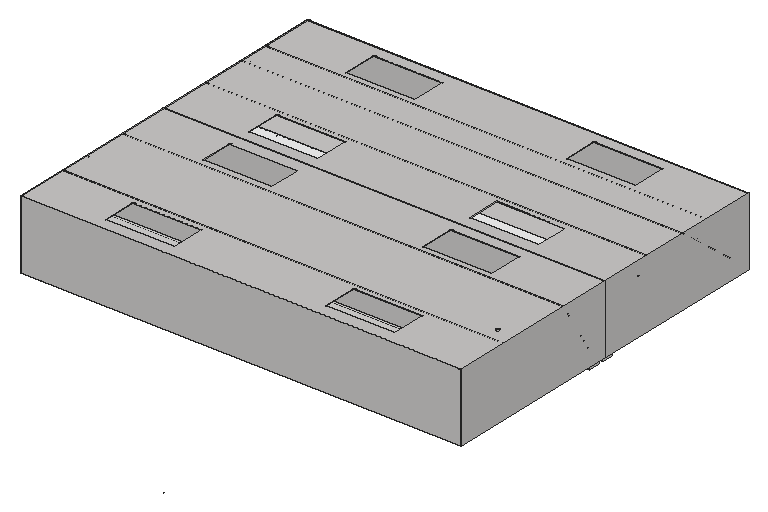
Revit family "QF_ELECTROLUXPROFESSIONAL_640042_STCF2632", category Specialty Equipment, Revit 2014
Reference planes
  plane 1 "Center (Front/Back)": y = 0
  plane 2: z = 0
  plane 3 "Center (Left/Right)": x = 400
  plane 4 "LEFT": x = -1200
  plane 5 "RIGHT": x = 2000
  plane 6 "BACK": y = 1300
  plane 7 "FRONT": y = -1300
  plane 8 "Base": z = 2000
  plane 9 "EIx": x = 1880
  plane 10 "Top": z = 2500
  plane 11 "BaseHood": z = 2000
  plane 12: y = -820
Forms (mm)
  Extrusion 1, solid, material "QF_Finishes_Stainless Steel"
    sketch origin (0, -820, 2500) x (0, 1, 0) y (-1, 0, 0)
      loop
        circle (0, -1880) r 10
    from 0 to 1.6
Dimensions and locks
  equal spacing: plane 6 "BACK", plane 1 "Center (Front/Back)", plane 7 "FRONT"
  plane 6 "BACK" to plane 7 "FRONT" = 2600.0 mm  (x2)
  locked: plane 9 "EIx" to plane 5 "RIGHT" at 120
  plane 11 "BaseHood" to level = 2000.0 mm
  plane 10 "Top" to plane 11 "BaseHood" = 500.0 mm
  equal spacing: plane 4 "LEFT", plane 3 "Center (Left/Right)", plane 5 "RIGHT"
  plane 4 "LEFT" to plane 5 "RIGHT" = 3200.0 mm
  plane 12 to plane 7 "FRONT" = 480.0 mm
  aligned and locked: level to plane 2
Automatic sketch dimensions
  plane 1 "Center (Front/Back)" to Extrusion 1 sketch curve = 820.0 mm
  Extrusion 1 sketch curve to plane 9 "EIx" = 0.0 mm
  radius of Extrusion 1 sketch curve = 10.0 mm
Nested families
  nested 1: "QF_ELECTROLUXPROFESSIONAL_640231" at (250, -550, 0), type "QF_ELECTROLUXPROFESSIONAL_640231"
  nested 2: "QF_ELECTROLUXPROFESSIONAL_640231" at (250, 550, 0), type "QF_ELECTROLUXPROFESSIONAL_640231"
Connectors
  piping at (1880, 60, 1970), diameter 9.5
    settings: on nested 2, index 9, connector inside diameter 609.6 mm, connector length 0.0 mm, flow factor 0, pipe flow 0.0 L/s, pressure drop 0.0 Pa, fitting loss kfactor 0, connector angle 0.00°, fixture units 0, engagement length 0.0 mm, angle of deflection 0.00°, flow configuration 1, flow direction 2, fitting loss method 0, system type 16, joint type 0, gender type 0, connector reference index -1, connector utility 0, adjustable connector no, is connector primary yes, connector description "Drain"
  piping at (1880, -60, 1970), diameter 9.5
    settings: on nested 1, index 10, connector inside diameter 609.6 mm, connector length 0.0 mm, flow factor 0, pipe flow 0.0 L/s, pressure drop 0.0 Pa, fitting loss kfactor 0, connector angle 0.00°, fixture units 0, engagement length 0.0 mm, angle of deflection 0.00°, flow configuration 1, flow direction 2, fitting loss method 0, system type 16, joint type 0, gender type 0, connector reference index -1, connector utility 0, adjustable connector no, is connector primary no, connector description "Drain"
  electrical at (1880, -820, 2501.6)
    settings: on Extrusion 1, index 11, voltage 0 V, apparent load 0 VA, apparent load phase1 0 VA, apparent load phase2 0 VA, apparent load phase3 0 VA, power factor 1, load classification "Other", number of poles 1, system type 30, power factor state 1, is connector primary yes, connector utility no, sub classification motor no, connector description "Electrical Connection"
  hvac at (-400, -1089, 2499.19)
    settings: on nested 1, index 12, duct flow 0.0 L/s, flow factor 0, pres drop 0.0 Pa, loss coef 0, conn angle 0.00°, conn width 500 mm, conn height 250 mm, conn diameter 609.6 mm, duct sys type 1, conn prof type 1, flow config 1, flow direction 1, loss method 0, conn ref index -1, conn util no, is conn primary yes, conn desc "AIR INLET"
  hvac at (1200, -1089, 2500)
    settings: on nested 1, index 13, duct flow 0.0 L/s, flow factor 0, pres drop 0.0 Pa, loss coef 0, conn angle 0.00°, conn width 500 mm, conn height 250 mm, conn diameter 609.6 mm, duct sys type 1, conn prof type 1, flow config 1, flow direction 1, loss method 0, conn ref index -1, conn util no, is conn primary no, conn desc "AIR INLET"
  hvac at (1200, 1089, 2500)
    settings: on nested 2, index 14, duct flow 0.0 L/s, flow factor 0, pres drop 0.0 Pa, loss coef 0, conn angle 0.00°, conn width 250 mm, conn height 500 mm, conn diameter 609.6 mm, duct sys type 1, conn prof type 1, flow config 1, flow direction 1, loss method 0, conn ref index -1, conn util no, is conn primary no, conn desc "AIR INLET"
  hvac at (-400, 1089, 2500)
    settings: on nested 2, index 15, duct flow 0.0 L/s, flow factor 0, pres drop 0.0 Pa, loss coef 0, conn angle 0.00°, conn width 250 mm, conn height 500 mm, conn diameter 609.6 mm, duct sys type 1, conn prof type 1, flow config 1, flow direction 1, loss method 0, conn ref index -1, conn util no, is conn primary no, conn desc "AIR INLET"
  hvac at (-400, -211, 2500)
    settings: on nested 1, index 16, duct flow 0.0 L/s, flow factor 0, pres drop 0.0 Pa, loss coef 0, conn angle 0.00°, conn width 500 mm, conn height 250 mm, conn diameter 609.6 mm, duct sys type 3, conn prof type 1, flow config 1, flow direction 2, loss method 0, conn ref index -1, conn util no, is conn primary no, conn desc "EXHAUST OUTLET"
  hvac at (-400, 211, 2500)
    settings: on nested 2, index 17, duct flow 0.0 L/s, flow factor 0, pres drop 0.0 Pa, loss coef 0, conn angle 0.00°, conn width 250 mm, conn height 500 mm, conn diameter 609.6 mm, duct sys type 3, conn prof type 1, flow config 1, flow direction 2, loss method 0, conn ref index -1, conn util no, is conn primary no, conn desc "EXHAUST OUTLET"
  hvac at (1200, -211, 2500)
    settings: on nested 1, index 18, duct flow 0.0 L/s, flow factor 0, pres drop 0.0 Pa, loss coef 0, conn angle 0.00°, conn width 500 mm, conn height 250 mm, conn diameter 609.6 mm, duct sys type 3, conn prof type 1, flow config 1, flow direction 2, loss method 0, conn ref index -1, conn util no, is conn primary no, conn desc "EXHAUST OUTLET"
  hvac at (1200, 211, 2500)
    settings: on nested 2, index 19, duct flow 0.0 L/s, flow factor 0, pres drop 0.0 Pa, loss coef 0, conn angle 0.00°, conn width 250 mm, conn height 500 mm, conn diameter 609.6 mm, duct sys type 3, conn prof type 1, flow config 1, flow direction 2, loss method 0, conn ref index -1, conn util no, is conn primary no, conn desc "EXHAUST OUTLET"
Definition of nested family "QF_ELECTROLUXPROFESSIONAL_640231"
  Reference planes
    plane 1: z = 0
    plane 2 "Center (Left/Right)": x = 150
    plane 3 "LEFT": x = -1450
    plane 4 "RIGHT": x = 1750
    plane 5 "BACK": y = 550
    plane 6 "TOP": z = 2500
    plane 7 "Base": z = 2000
    plane 8: z = 1955
    plane 9 "DrainY": y = 490
    plane 10: x = -1447
    plane 11 "DrainX": x = 1630
    plane 12 "AOLeft2": x = -400
    plane 13 "AORight1": x = 700
    plane 14: x = 1747
    plane 15: x = -1250
    plane 16: x = 1550
    plane 17 "Center (Front/Back)": y = -100
    plane 18 "Front": y = -750
    plane 19 "AOLeft1": x = -900
    plane 20 "AORight2": x = 1200
    plane 21: y = -664
    plane 22: y = -414
    plane 23 "EI_y": y = -270
    plane 24 "EIx": x = 1630
    plane 25: y = 464
    plane 26: y = 214
  Forms (mm)
    Extrusion 1, solid, material "QF_Finishes_Stainless Steel"
      sketch origin (-1450, 0, 360) x (0, 1, 0) y (0, 0, 1)
        loop
          line (550, 1640) -> (550, 2140) -> (-750, 2140) -> (-750, 1640) -> (550, 1640)
      from 0 to 3
    Extrusion 2, solid, material "QF_Finishes_Stainless Steel"
      sketch origin (1750, 0, 360) x (0, 1, 0) y (0, 0, 1)
        loop
          line (550, 1640) -> (550, 2140) -> (-750, 2140) -> (-750, 1640) -> (550, 1640)
      from 0 to -3
    Extrusion 3, solid, material "QF_Finishes_Stainless Steel"
      sketch origin (150, 0, 360) x (0, 1, 0) y (0, 0, 1)
        loop
          line (-750, 2140) -> (-750, 1640) -> (-740, 1640) -> (-740, 1640.8) -> (-749.2, 1640.8) -> (-749.2, 2139.19) -> (549.2, 2139.19) -> (549.2, 1640.8) -> (540, 1640.8) -> (540, 1640) -> (550, 1640) -> (550, 2140) -> (-750, 2140)
      from -1600 to 1600
    Extrusion 4, solid, material "QF_Finishes_Stainless Steel"
      sketch origin (0, 0, 2000) x (0, 1, 0) y (-1, 0, 0)
        loop
          circle (490, -1630) r 4.763
      from -30 to 0
    Extrusion 5, void
      sketch origin (0, 0, 2500) x (0, 1, 0) y (-1, 0, 0)
        loop
          line (-414, 400) -> (-414, 900) -> (-664, 900) -> (-664, 400) -> (-414, 400)
      from 0 to -10
    Extrusion 6, solid, material "QF_Finishes_Stainless Steel"
      sketch origin (0, 0, 0) x (1, 0, 0) y (0, 1, 0)
        loop
          line (-1450, 550) -> (-1450, 549) -> (-1449, 549) -> (-1449, 550) -> (-1450, 550)
      from 0 to 1
    Extrusion 7, solid, material "QF_LAMPS"
      sketch origin (150, 0, 360) x (0, 1, 0) y (0, 0, 1)
        loop
          line (-372.823, 1962.324) -> (-218.948, 2086.929) -> (-227.129, 2097.032) -> (-381.003, 1972.426) -> (-372.823, 1962.324)
      from 1597 to -1597
    Extrusion 8, solid, material "QF_Finishes_Stainless Steel"
      sketch origin (150, 0, 360) x (0, 1, 0) y (0, 0, 1)
        loop
          line (-750, 2139.19) -> (-750, 1640) -> (-686.602, 1640) -> (-599.146, 1690.493) -> (-610.058, 1709.394) -> (-666.564, 1676.77) -> (-714.704, 1680.982) -> (-749.2, 1730.248) -> (-749.2, 2139.19) -> (-750, 2139.19)
        loop
          line (-373.6, 1961.694) -> (-381.937, 1971.99) -> (-369.095, 1982.182) -> (-369.095, 2139.19) -> (-369.895, 2139.19) -> (-369.895, 1982.569) -> (-682.298, 1734.63) -> (-671.091, 1720.79) -> (-373.6, 1961.694)
        loop
          line (-227.61, 2099.216) -> (-218.171, 2087.559) -> (-154.411, 2139.19) -> (-155.682, 2139.19) -> (-218.052, 2088.684) -> (-226.989, 2099.719) -> (-227.61, 2099.216)
      from -1597 to 1597
    Sweep 9, solid, material "QF_Finishes_Stainless Steel"
      path origin (0, 0, 0) x (1, 0, 0) y (0, 1, 0)
        loop
          line (1750, 550) -> (-1450, 550) -> (-1450, -750) -> (1750, -750) -> (1750, 550)
      profile origin (1750, -100, 0) x (1, 0, 0) y (0, 0, 1)
        loop
          line (-3, 2000) -> (-3, 2000.8) -> (-19, 2000.8) -> (-19, 2010) -> (-20, 2010) -> (-20, 2000) -> (-3, 2000)
    Extrusion 10, solid, material "QF_Finishes_Stainless Steel"
      sketch origin (150, 0, 0) x (0, 1, 0) y (0, 0, 1)
        loop
          line (414.66, 2095.469) -> (440.643, 2110.471) -> (261.744, 2411.771) -> (235.948, 2396.455) -> (414.66, 2095.469)
      from -1597 to -1400
    Extrusion 11, void
      sketch origin (1134.605, 0, 2500) x (0, 1, 0) y (-1, 0, 0)
        loop
          line (-414, -65.395) -> (-414, 434.605) -> (-664, 434.605) -> (-664, -65.395) -> (-414, -65.395)
      from 0 to -10
    Extrusion 12, solid, material "QF_Finishes_Stainless Steel"
      sketch origin (1630, 0, 0) x (0, 1, 0) y (0, 0, 1)
        loop
          line (539, 2000) -> (441, 2000) -> (441, 1989) -> (448.5, 1989) -> (448.5, 1965)
          arc (448.5, 1965) -> (451.429, 1957.929) -> (458.5, 1955) r 10
          line (458.5, 1955) -> (521.5, 1955)
          arc (521.5, 1955) -> (528.571, 1957.929) -> (531.5, 1965) r 10
          line (531.5, 1965) -> (531.5, 1989) -> (539, 1989) -> (539, 2000)
      from 90 to -90
    Extrusion 13, solid, material "QF_Finishes_Stainless Steel"
      sketch origin (150, 0, 360) x (0, 1, 0) y (0, 0, 1)
        loop
          line (-750, 2139.19) -> (-750, 1640) -> (-686.602, 1640) -> (-599.146, 1690.493) -> (-610.058, 1709.394) -> (-666.564, 1676.77) -> (-714.704, 1680.982) -> (-749.2, 1730.248) -> (-749.2, 2139.19) -> (-750, 2139.19)
        loop
          line (-373.6, 1961.694) -> (-381.937, 1971.99) -> (-369.095, 1982.182) -> (-369.095, 2139.19) -> (-369.895, 2139.19) -> (-369.895, 1982.569) -> (-682.298, 1734.63) -> (-671.091, 1720.79) -> (-373.6, 1961.694)
        loop
          line (-227.61, 2099.216) -> (-218.171, 2087.559) -> (-154.411, 2139.19) -> (-155.682, 2139.19) -> (-218.052, 2088.684) -> (-226.989, 2099.719) -> (-227.61, 2099.216)
      from -1597 to 1597
    Extrusion 14, solid, material "QF_Finishes_Stainless Steel"
      sketch origin (150, 0, 0) x (0, 1, 0) y (0, 0, 1)
        loop
          line (414.66, 2095.469) -> (440.643, 2110.471) -> (261.744, 2411.771) -> (235.948, 2396.455) -> (414.66, 2095.469)
      from 1400 to 1597
    Extrusion 15, solid, material "QF_Finished_Chrome"
      sketch origin (150, 0, 0) x (0, 1, 0) y (0, 0, 1)
        loop
          line (414.66, 2095.469) -> (440.643, 2110.471) -> (261.744, 2411.771) -> (235.948, 2396.455) -> (414.66, 2095.469)
      from -1400 to 1400
    Extrusion 16, void
      sketch origin (0, 1180, 2500) x (0, 1, 0) y (-1, 0, 0)
        loop
          line (-716, 400) -> (-716, 900) -> (-966, 900) -> (-966, 400) -> (-716, 400)
      from 0 to -10
    Extrusion 17, void
      sketch origin (1600, 1180, 2500) x (0, 1, 0) y (-1, 0, 0)
        loop
          line (-716, 400) -> (-716, 900) -> (-966, 900) -> (-966, 400) -> (-716, 400)
      from 0 to -10
    Extrusion 18, solid, material "QF_Finishes_Stainless Steel"
      sketch origin (150, 0, 360) x (0, 1, 0) y (0, 0, 1)
        loop
          line (430.005, 1640) -> (540, 1640) -> (540, 1640.8) -> (430.467, 1640.8) -> (371.906, 1742.23) -> (414.858, 1734.657) -> (442.266, 1750.481) -> (442.266, 1765.943) -> (441.466, 1765.943) -> (441.466, 1750.943) -> (414.709, 1735.495) -> (321.153, 1751.991) -> (320.875, 1750.416) -> (371.4, 1741.507) -> (430.005, 1640)
        loop
          line (172.529, 2139.19) -> (242.893, 2017.316) -> (245.133, 2018.715) -> (240.13, 2027.381) -> (238.569, 2026.405) -> (173.453, 2139.19) -> (172.529, 2139.19)
      from -1597 to 1597
  Cuts and joins
    Extrusion 5, Extrusion 11, Extrusion 16, Extrusion 17 cuts Extrusion 3
    joined: Extrusion 2, Extrusion 3, Sweep 9
  Lines and regions (mm)
    symbolic lines, style "SpecialityEquipment", detail levels coarse
      curve 1: line (1750, 550, 2500) -> (-1450, 550, 2500)
      curve 2: line (-1450, 550, 2500) -> (-1450, -750, 2500)
      curve 3: line (1750, -750, 2500) -> (1750, 550, 2500)
      curve 4: line (-1450, 550, 0) -> (1750, -750, 0)
      curve 5: line (1750, 550, 0) -> (-1450, -750, 0)
      curve 6: line (-1450, -750, 0) -> (1750, -750, 0)
      curve 7: line (-400, -414, 0) -> (-900, -414, 0)
      curve 8: line (-400, -664, 0) -> (-400, -414, 0)
      curve 9: line (-900, -664, 0) -> (-400, -664, 0)
      curve 10: line (-900, -414, 0) -> (-900, -664, 0)
      curve 11: line (700, -414, 0) -> (700, -664, 0)
      curve 12: line (1200, -414, 0) -> (700, -414, 0)
      curve 13: line (1200, -664, 0) -> (1200, -414, 0)
      curve 14: line (700, -664, 0) -> (1200, -664, 0)
    symbolic lines, detail levels coarse
      curve 15: line (-900, 214, 2500) -> (-400, 214, 2500)
      curve 16: line (-900, 464, 2500) -> (-900, 214, 2500)
      curve 17: line (-400, 464, 2500) -> (-900, 464, 2500)
      curve 18: line (-400, 214, 2500) -> (-400, 464, 2500)
      curve 19: line (700, 464, 2500) -> (700, 214, 2500)
      curve 20: line (1200, 464, 2500) -> (700, 464, 2500)
      curve 21: line (700, 214, 2500) -> (1200, 214, 2500)
      curve 22: line (1200, 214, 2500) -> (1200, 464, 2500)
  Dimensions and locks
    plane 3 "LEFT" to plane 4 "RIGHT" = 3200.0 mm
    equal spacing: plane 3 "LEFT", plane 2 "Center (Left/Right)", plane 4 "RIGHT"
    plane 7 "Base" to plane 8 = 45.0 mm
    plane 5 "BACK" to plane 9 "DrainY" = 60.0 mm  (x2)
    plane 3 "LEFT" to plane 10 = 3.0 mm
    plane 11 "DrainX" to plane 4 "RIGHT" = 120.0 mm
    plane 14 to plane 4 "RIGHT" = 3.0 mm
    plane 3 "LEFT" to plane 15 = 200.0 mm
    plane 16 to plane 4 "RIGHT" = 200.0 mm
    locked: plane 12 "AOLeft2" to plane 13 "AORight1" at 1100
    equal spacing: plane 12 "AOLeft2", plane 2 "Center (Left/Right)", plane 13 "AORight1"
    locked: plane 7 "Base" to level at 2000
    locked: plane 6 "TOP" to plane 7 "Base" at 500
    locked: plane 5 "BACK" to plane 18 "Front" at 1300
    equal spacing: plane 5 "BACK", plane 17 "Center (Front/Back)", plane 18 "Front"
    locked: plane 19 "AOLeft1" to plane 12 "AOLeft2" at 500
    locked: plane 13 "AORight1" to plane 20 "AORight2" at 500
    locked: plane 22 to plane 21 at 250
    plane 21 to plane 18 "Front" = 86.0 mm
    locked: plane 23 "EI_y" to plane 18 "Front" at 480
    locked: plane 24 "EIx" to plane 4 "RIGHT" at 120
    plane 5 "BACK" to plane 18 "Front" = 1300.0 mm
    locked: plane 26 to plane 25 at 250
    plane 5 "BACK" to plane 25 = 86.0 mm
    aligned and locked: level to plane 1
    aligned and locked: plane 4 "RIGHT" to Extrusion 3
    aligned and locked: Extrusion 3 to plane 3 "LEFT"
    aligned and locked: Extrusion 2 to plane 14
    aligned and locked: Extrusion 10 to plane 10
    aligned and locked: Extrusion 8 to plane 10
    aligned and locked: plane 14 to Extrusion 8
    aligned and locked: Extrusion 5 to plane 19 "AOLeft1"
    aligned and locked: Extrusion 5 to plane 12 "AOLeft2"
    aligned and locked: plane 20 "AORight2" to Extrusion 11
    aligned and locked: plane 13 "AORight1" to Extrusion 11
    aligned and locked: plane 15 to Extrusion 10
    aligned and locked: plane 16 to Extrusion 14
    aligned and locked: plane 14 to Extrusion 14
    aligned and locked: Extrusion 15 to plane 15
    aligned and locked: Extrusion 15 to plane 16
    aligned and locked: plane 14 to Extrusion 7
    aligned and locked: Extrusion 7 to plane 10
    aligned and locked: plane 13 "AORight1" to Extrusion 17
    aligned and locked: plane 20 "AORight2" to Extrusion 17
    aligned and locked: Extrusion 16 to plane 19 "AOLeft1"
    aligned and locked: Extrusion 16 to plane 12 "AOLeft2"
    aligned and locked: Extrusion 18 to plane 10
    aligned and locked: plane 14 to Extrusion 18
    aligned and locked: plane 14 to Extrusion 13
    aligned and locked: Extrusion 13 to plane 10
    aligned and locked: plane 22 to cut or joined group of Extrusion 2, Extrusion 3, Extrusion 5, Sweep 9, Extrusion 11, Extrusion 16, Extrusion 17  (x2)
    aligned and locked: plane 22 to curve 7
    aligned and locked: cut or joined group of Extrusion 2, Extrusion 3, Extrusion 5, Sweep 9, Extrusion 11, Extrusion 16, Extrusion 17 to plane 21  (x2)
    aligned and locked: curve 9 to plane 21
    aligned and locked: plane 22 to curve 12
    aligned and locked: curve 14 to plane 21
    aligned and locked: cut or joined group of Extrusion 2, Extrusion 3, Extrusion 5, Sweep 9, Extrusion 11, Extrusion 16, Extrusion 17 to plane 25  (x2)
    aligned and locked: curve 17 to plane 25
    aligned and locked: curve 20 to plane 25
    aligned and locked: plane 26 to cut or joined group of Extrusion 2, Extrusion 3, Extrusion 5, Sweep 9, Extrusion 11, Extrusion 16, Extrusion 17  (x2)
    aligned and locked: plane 26 to curve 21
    aligned and locked: plane 26 to curve 15
  Automatic sketch dimensions
    Extrusion 4 sketch curve to plane 9 "DrainY" = 0.0 mm
    Extrusion 4 sketch curve to plane 11 "DrainX" = 0.0 mm
    Extrusion 10 sketch curve to plane 9 "DrainY" = 75.34 mm
    Extrusion 10 sketch curve to Extrusion 10 sketch curve = 25.983 mm
    plane 7 "Base" to Extrusion 10 sketch curve = 95.469 mm
    Extrusion 10 sketch curve to Extrusion 10 sketch curve = 15.001 mm
    Extrusion 10 sketch curve to plane 6 "TOP" = 103.545 mm
    Extrusion 10 sketch curve to Extrusion 10 sketch curve = 15.316 mm
    Extrusion 14 sketch curve to plane 9 "DrainY" = 75.34 mm
    Extrusion 14 sketch curve to Extrusion 14 sketch curve = 25.983 mm
    plane 7 "Base" to Extrusion 14 sketch curve = 95.469 mm
    Extrusion 14 sketch curve to Extrusion 14 sketch curve = 15.001 mm
    Extrusion 14 sketch curve to plane 6 "TOP" = 103.545 mm
    Extrusion 14 sketch curve to Extrusion 14 sketch curve = 15.316 mm
    Extrusion 15 sketch curve to plane 9 "DrainY" = 75.34 mm
    Extrusion 15 sketch curve to Extrusion 15 sketch curve = 25.983 mm
    plane 7 "Base" to Extrusion 15 sketch curve = 95.469 mm
    Extrusion 15 sketch curve to Extrusion 15 sketch curve = 15.001 mm
    Extrusion 15 sketch curve to plane 6 "TOP" = 103.545 mm
    Extrusion 15 sketch curve to Extrusion 15 sketch curve = 15.316 mm
    Extrusion 18 sketch curve to plane 7 "Base" = 0.0 mm
    Extrusion 18 sketch curve to plane 9 "DrainY" = 47.734 mm
    Extrusion 18 sketch curve to Extrusion 18 sketch curve = 0.8 mm
    plane 9 "DrainY" to Extrusion 18 sketch curve = 50.0 mm
    plane 7 "Base" to Extrusion 18 sketch curve = 0.8 mm
    Extrusion 18 sketch curve to Extrusion 18 sketch curve = 109.533 mm
    Extrusion 18 sketch curve to Extrusion 18 sketch curve = 0.462 mm  (x2)
    Extrusion 18 sketch curve to Extrusion 18 sketch curve = 26.608 mm
    Extrusion 18 sketch curve to Extrusion 18 sketch curve = 0.148 mm
    Extrusion 18 sketch curve to Extrusion 18 sketch curve = 42.803 mm
    Extrusion 18 sketch curve to Extrusion 18 sketch curve = 0.506 mm
    Extrusion 18 sketch curve to Extrusion 18 sketch curve = 50.247 mm
    Extrusion 18 sketch curve to Extrusion 18 sketch curve = 0.278 mm
    Extrusion 18 sketch curve to Extrusion 18 sketch curve = 2.24 mm
    Extrusion 18 sketch curve to plane 6 "TOP" = 0.81 mm
    Extrusion 18 sketch curve to Extrusion 18 sketch curve = 0.924 mm
    plane 7 "Base" to Extrusion 18 sketch curve = 94.657 mm
    Extrusion 18 sketch curve to Extrusion 18 sketch curve = 0.838 mm
    Extrusion 18 sketch curve to Extrusion 18 sketch curve = 6.012 mm
    Extrusion 18 sketch curve to Extrusion 18 sketch curve = 0.723 mm
    Extrusion 18 sketch curve to Extrusion 18 sketch curve = 14.986 mm
    Extrusion 18 sketch curve to Extrusion 18 sketch curve = 15.0 mm
    Extrusion 18 sketch curve to plane 6 "TOP" = 122.684 mm
    Extrusion 18 sketch curve to Extrusion 18 sketch curve = 1.399 mm
    Extrusion 18 sketch curve to Extrusion 18 sketch curve = 9.089 mm
    Extrusion 18 sketch curve to Extrusion 18 sketch curve = 0.975 mm
    Extrusion 10 sketch curve to plane 9 "DrainY" = 228.256 mm
    Extrusion 10 sketch curve to Extrusion 10 sketch curve = 25.795 mm
    Extrusion 14 sketch curve to plane 9 "DrainY" = 228.256 mm
    Extrusion 14 sketch curve to Extrusion 14 sketch curve = 25.795 mm
    Extrusion 15 sketch curve to plane 9 "DrainY" = 228.256 mm
    Extrusion 15 sketch curve to Extrusion 15 sketch curve = 25.795 mm
    Extrusion 18 sketch curve to plane 9 "DrainY" = 244.867 mm
    Extrusion 18 sketch curve to Extrusion 18 sketch curve = 5.003 mm
    Extrusion 18 sketch curve to Extrusion 18 sketch curve = 1.561 mm
    Extrusion 18 sketch curve to Extrusion 18 sketch curve = 66.677 mm
    curve 6 to plane 3 "LEFT" = 0.0 mm
    curve 4 to plane 3 "LEFT" = 0.0 mm
    curve 10 to plane 19 "AOLeft1" = 0.0 mm
    curve 8 to plane 12 "AOLeft2" = 0.0 mm
    curve 14 to plane 13 "AORight1" = 0.0 mm
    curve 14 to plane 20 "AORight2" = 0.0 mm
    curve 5 to plane 4 "RIGHT" = 0.0 mm
    curve 6 to plane 4 "RIGHT" = 0.0 mm
    curve 4 to plane 18 "Front" = 0.0 mm
    curve 4 to plane 5 "BACK" = 0.0 mm
    curve 5 to plane 5 "BACK" = 0.0 mm
    curve 2 to plane 3 "LEFT" = 0.0 mm
    curve 2 to plane 18 "Front" = 0.0 mm
    curve 3 to plane 4 "RIGHT" = 0.0 mm
    curve 3 to plane 18 "Front" = 0.0 mm
    curve 21 to plane 20 "AORight2" = 0.0 mm
    curve 19 to plane 13 "AORight1" = 0.0 mm
    curve 15 to plane 19 "AOLeft1" = 0.0 mm
    curve 15 to plane 12 "AOLeft2" = 0.0 mm
    curve 2 to plane 5 "BACK" = 0.0 mm
    Extrusion 1 sketch curve to plane 7 "Base" = 0.0 mm
    Extrusion 1 sketch curve to plane 18 "Front" = 0.0 mm
    Extrusion 1 sketch curve to plane 5 "BACK" = 0.0 mm
    Extrusion 1 sketch curve to plane 6 "TOP" = 0.0 mm
    Extrusion 2 sketch curve to plane 7 "Base" = 0.0 mm
    Extrusion 2 sketch curve to plane 18 "Front" = 0.0 mm
    Extrusion 2 sketch curve to plane 5 "BACK" = 0.0 mm
    Extrusion 2 sketch curve to plane 6 "TOP" = 0.0 mm
    Extrusion 3 sketch curve to plane 6 "TOP" = 0.0 mm
    Extrusion 3 sketch curve to plane 18 "Front" = 0.0 mm
    Extrusion 3 sketch curve to plane 7 "Base" = 0.0 mm  (x2)
    Extrusion 3 sketch curve to plane 5 "BACK" = 0.0 mm
    plane 18 "Front" to Extrusion 3 sketch curve = 0.8 mm
    Extrusion 3 sketch curve to Extrusion 3 sketch curve = 9.2 mm
    plane 7 "Base" to Extrusion 3 sketch curve = 0.8 mm  (x2)
    Extrusion 3 sketch curve to plane 5 "BACK" = 10.0 mm
    Extrusion 3 sketch curve to plane 5 "BACK" = 0.8 mm
    Extrusion 3 sketch curve to plane 6 "TOP" = 0.81 mm
    Extrusion 5 sketch curve to plane 12 "AOLeft2" = 0.0 mm
    Extrusion 5 sketch curve to plane 21 = 0.0 mm
    Extrusion 5 sketch curve to plane 22 = 0.0 mm
    Extrusion 5 sketch curve to plane 19 "AOLeft1" = 0.0 mm
    Extrusion 6 sketch curve to plane 3 "LEFT" = 0.0 mm
    Extrusion 6 sketch curve to plane 5 "BACK" = 0.0 mm
    plane 3 "LEFT" to Extrusion 6 sketch curve = 1.0 mm
    Extrusion 6 sketch curve to Extrusion 6 sketch curve = 1.0 mm
    plane 22 to Extrusion 7 sketch curve = 32.997 mm
    Extrusion 7 sketch curve to Extrusion 7 sketch curve = 8.181 mm  (x2)
    plane 23 "EI_y" to Extrusion 7 sketch curve = 42.871 mm
    Extrusion 7 sketch curve to plane 6 "TOP" = 177.676 mm
    Extrusion 7 sketch curve to Extrusion 7 sketch curve = 10.102 mm
    Extrusion 7 sketch curve to plane 6 "TOP" = 53.071 mm
    Extrusion 7 sketch curve to Extrusion 7 sketch curve = 10.103 mm
    Extrusion 8 sketch curve to plane 7 "Base" = 0.0 mm
    Extrusion 8 sketch curve to plane 18 "Front" = 0.0 mm
    Extrusion 8 sketch curve to Extrusion 8 sketch curve = 0.8 mm  (x2)
    plane 18 "Front" to Extrusion 8 sketch curve = 35.296 mm
    Extrusion 8 sketch curve to plane 21 = 22.602 mm
    Extrusion 8 sketch curve to plane 21 = 18.298 mm
    Extrusion 8 sketch curve to plane 21 = 7.091 mm
    Extrusion 8 sketch curve to plane 21 = 2.564 mm
    plane 21 to Extrusion 8 sketch curve = 53.942 mm
    Extrusion 8 sketch curve to Extrusion 8 sketch curve = 10.912 mm
    plane 22 to Extrusion 8 sketch curve = 32.063 mm
    Extrusion 8 sketch curve to Extrusion 8 sketch curve = 8.337 mm
    Extrusion 8 sketch curve to Extrusion 8 sketch curve = 12.042 mm
    plane 23 "EI_y" to Extrusion 8 sketch curve = 42.39 mm
    Extrusion 8 sketch curve to Extrusion 8 sketch curve = 0.622 mm
    Extrusion 8 sketch curve to Extrusion 8 sketch curve = 9.44 mm
    Extrusion 8 sketch curve to Extrusion 8 sketch curve = 0.118 mm
    Extrusion 8 sketch curve to plane 6 "TOP" = 0.81 mm  (x3)
    Extrusion 8 sketch curve to plane 17 "Center (Front/Back)" = 55.682 mm
    Extrusion 8 sketch curve to Extrusion 8 sketch curve = 1.271 mm
    plane 7 "Base" to Extrusion 8 sketch curve = 36.77 mm
    plane 7 "Base" to Extrusion 8 sketch curve = 40.982 mm
    plane 7 "Base" to Extrusion 8 sketch curve = 50.493 mm
    Extrusion 8 sketch curve to Extrusion 8 sketch curve = 18.901 mm
    Extrusion 8 sketch curve to Extrusion 8 sketch curve = 44.02 mm
    Extrusion 8 sketch curve to Extrusion 8 sketch curve = 49.266 mm
    Extrusion 8 sketch curve to Extrusion 8 sketch curve = 13.84 mm
    Extrusion 8 sketch curve to plane 6 "TOP" = 178.306 mm
    Extrusion 8 sketch curve to Extrusion 8 sketch curve = 10.296 mm
    Extrusion 8 sketch curve to Extrusion 8 sketch curve = 10.192 mm
    Extrusion 8 sketch curve to Extrusion 8 sketch curve = 0.386 mm
    Extrusion 8 sketch curve to plane 6 "TOP" = 52.441 mm
    Extrusion 8 sketch curve to Extrusion 8 sketch curve = 1.125 mm
    Sweep 9 sketch curve to plane 3 "LEFT" = 0.0 mm
    Sweep 9 sketch curve to plane 4 "RIGHT" = 0.0 mm
    Sweep 9 sketch curve to plane 18 "Front" = 0.0 mm
    Sweep 9 sketch curve to plane 5 "BACK" = 0.0 mm
    profile plane to Sweep 9 sketch curve = 20.0 mm
    Sweep 9 sketch curve to Sweep 9 sketch curve = 1.0 mm
    profile plane to Sweep 9 sketch curve = 3.0 mm
    level to Sweep 9 sketch curve = 2000.0 mm
    Sweep 9 sketch curve to Sweep 9 sketch curve = 0.8 mm
    Sweep 9 sketch curve to Sweep 9 sketch curve = 9.2 mm
    Extrusion 11 sketch curve to plane 20 "AORight2" = 0.0 mm
    Extrusion 11 sketch curve to plane 21 = 0.0 mm
    Extrusion 11 sketch curve to plane 22 = 0.0 mm
    Extrusion 11 sketch curve to plane 13 "AORight1" = 0.0 mm
    Extrusion 12 sketch curve to plane 7 "Base" = 0.0 mm
    Extrusion 12 sketch curve to plane 8 = 0.0 mm
    Extrusion 12 sketch curve to plane 7 "Base" = 11.0 mm  (x2)
    plane 25 to Extrusion 12 sketch curve = 23.0 mm
    Extrusion 12 sketch curve to Extrusion 12 sketch curve = 7.5 mm  (x2)
    plane 25 to Extrusion 12 sketch curve = 5.5 mm
    Extrusion 12 sketch curve to plane 5 "BACK" = 28.5 mm
    Extrusion 12 sketch curve to plane 5 "BACK" = 18.5 mm
    Extrusion 13 sketch curve to plane 7 "Base" = 0.0 mm
    Extrusion 13 sketch curve to plane 18 "Front" = 0.0 mm
    Extrusion 13 sketch curve to Extrusion 13 sketch curve = 0.8 mm  (x2)
    plane 18 "Front" to Extrusion 13 sketch curve = 35.296 mm
    Extrusion 13 sketch curve to plane 21 = 22.602 mm
    Extrusion 13 sketch curve to plane 21 = 18.298 mm
    Extrusion 13 sketch curve to plane 21 = 7.091 mm
    Extrusion 13 sketch curve to plane 21 = 2.564 mm
    plane 21 to Extrusion 13 sketch curve = 53.942 mm
    Extrusion 13 sketch curve to Extrusion 13 sketch curve = 10.912 mm
    plane 22 to Extrusion 13 sketch curve = 32.063 mm
    Extrusion 13 sketch curve to Extrusion 13 sketch curve = 8.337 mm
    Extrusion 13 sketch curve to Extrusion 13 sketch curve = 12.042 mm
    plane 23 "EI_y" to Extrusion 13 sketch curve = 42.39 mm
    Extrusion 13 sketch curve to Extrusion 13 sketch curve = 0.622 mm
    Extrusion 13 sketch curve to Extrusion 13 sketch curve = 9.44 mm
    Extrusion 13 sketch curve to Extrusion 13 sketch curve = 0.118 mm
    Extrusion 13 sketch curve to plane 6 "TOP" = 0.81 mm  (x3)
    Extrusion 13 sketch curve to plane 17 "Center (Front/Back)" = 55.682 mm
    Extrusion 13 sketch curve to Extrusion 13 sketch curve = 1.271 mm
    plane 7 "Base" to Extrusion 13 sketch curve = 36.77 mm
    plane 7 "Base" to Extrusion 13 sketch curve = 40.982 mm
    plane 7 "Base" to Extrusion 13 sketch curve = 50.493 mm
    Extrusion 13 sketch curve to Extrusion 13 sketch curve = 18.901 mm
    Extrusion 13 sketch curve to Extrusion 13 sketch curve = 44.02 mm
    Extrusion 13 sketch curve to Extrusion 13 sketch curve = 49.266 mm
    Extrusion 13 sketch curve to Extrusion 13 sketch curve = 13.84 mm
    Extrusion 13 sketch curve to plane 6 "TOP" = 178.306 mm
    Extrusion 13 sketch curve to Extrusion 13 sketch curve = 10.296 mm
    Extrusion 13 sketch curve to Extrusion 13 sketch curve = 10.192 mm
    Extrusion 13 sketch curve to Extrusion 13 sketch curve = 0.386 mm
    Extrusion 13 sketch curve to plane 6 "TOP" = 52.441 mm
    Extrusion 13 sketch curve to Extrusion 13 sketch curve = 1.125 mm
    Extrusion 16 sketch curve to plane 12 "AOLeft2" = 0.0 mm
    Extrusion 16 sketch curve to plane 19 "AOLeft1" = 0.0 mm
    Extrusion 16 sketch curve to plane 9 "DrainY" = 26.0 mm
    Extrusion 16 sketch curve to plane 26 = 0.0 mm
    Extrusion 17 sketch curve to plane 20 "AORight2" = 0.0 mm
    Extrusion 17 sketch curve to plane 13 "AORight1" = 0.0 mm
    Extrusion 17 sketch curve to plane 9 "DrainY" = 26.0 mm
    Extrusion 17 sketch curve to plane 26 = 0.0 mm
    radius of Extrusion 4 sketch curve = 4.763 mm
